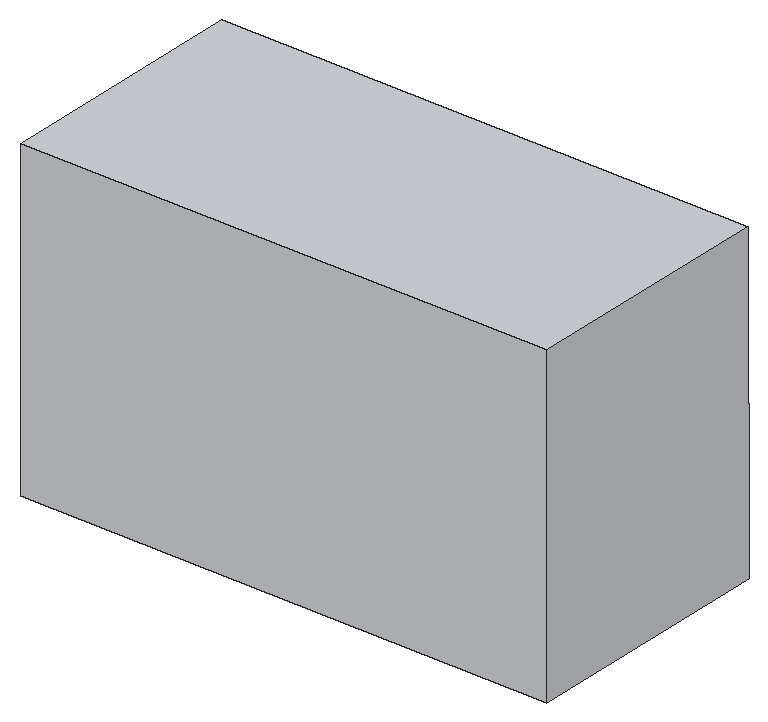
Revit family "ALG_Cutout_Wall", category Allgemeines Modell, Revit 2016
Family settings
  Teiletyp = Normal
  Kann Basisbauteil für Bewehrung sein = Nein
  Bemaßung runder Anschluss = Durchmesser verwenden
  Arbeitsebenenbasiert = Nein
  Immer vertikal = Ja
  Beim Laden mit Abzugskörper schneiden = Nein
  Gemeinsam genutzt = Nein
  Raumberechnungspunkt = Nein
Parameters (values of type "WD")
  WD_Durchbruch_Rund_Volumen [instance] = pi() * (WD_Durchbruch_RD ^ 2) * ALG_Durchbruch_Tiefe  # 0.0471239 m³
  WD_Durchbruch_Rund_Fläche [instance] = pi() * (WD_Durchbruch_RD ^ 2)  # 0.19635 m²
  WD_Durchbruch_Rechteck_Volumen [instance] = ALG_Durchbruch_Breite * ALG_Durchbruch_Höhe * ALG_Durchbruch_Tiefe  # 0.036 m³
  WD_Durchbruch_Rechteck_Fläche [instance] = ALG_Durchbruch_Breite * ALG_Durchbruch_Höhe  # 0.15 m²
  WD_Durchbruch_RD [instance] = ALG_Durchbruch_Breite / 2  # 250 mm
  WDR = no
  WD = yes
  ALG_Durchbruch_Versatz_manuell [instance] = 0 mm
  ALG_Durchbruch_UK_ab_Decke [instance] = ALG_Durchbruch_OKKVersatz + ALG_Durchbruch_Breite / 2  # 1750 mm
  ALG_Durchbruch_Tiefe [instance] = 240 mm
  ALG_Durchbruch_OK_ab_Decke [instance] = ALG_Durchbruch_OKKVersatz - ALG_Durchbruch_Breite / 2  # 1250 mm
  ALG_Durchbruch_OKKVersatz [instance] = 1500 mm
  ALG_Durchbruch_Höhe [instance] = 300 mm
  ALG_Durchbruch_Gewerk [instance] = ""
  ALG_Durchbruch_Breite [instance] = 500 mm
Types (2, lengths in mm): name | WDR | WD
  WD | no | yes
  WDR | yes | no
Reference planes
  plane 1 "Mitte (Vorne/Hinten)": y = 0
  plane 2: z = 0
  plane 3 "Mitte (Links/Rechts)": x = 0
  plane 4 "Mitte_WD": z = -1500
Forms (mm)
  Extrusion 1, solid, visible <- "WD"
    sketch origin (0, 0, -1500) x (0, 1, 0) y (-1, 0, 0)
      loop
        line (-120, 250) -> (-120, -250) -> (120, -250) -> (120, 250) -> (-120, 250)
    from -150 to 150
  Extrusion 2, solid, visible <- "WDR"
    sketch origin (0, 0, 0) x (1, 0, 0) y (0, 0, 1)
      loop
        circle (0, -1500) r 250
    from -120 to 120
Lines and regions (mm)
  reference lines
    curve 1: line (0, 670.716, -1350) -> (0, -629.284, -1350)
    curve 2: line (0, 560.86, -1650) -> (0, -629.284, -1650)
    curve 3: line (-4.994, 120, 0) -> (-294.994, 120, 0)
    curve 4: line (-4.994, -120, 0) -> (400, -120, 0)
    curve 5: line (-250, 248.741, 0) -> (-250, -491.259, 0)
    curve 6: line (250, 248.741, 0) -> (250, -491.259, 0)
Dimensions and locks
  "ALG_Durchbruch_OKKVersatz": plane 4 "Mitte_WD" to plane 2
  equal spacing: curve 2, plane 4 "Mitte_WD", curve 1
  "ALG_Durchbruch_Höhe": curve 2 to curve 1
  equal spacing: curve 5, plane 3 "Mitte (Links/Rechts)", curve 6
  equal spacing: curve 4, plane 1 "Mitte (Vorne/Hinten)", curve 3
  "ALG_Durchbruch_Breite": curve 5 to curve 6
  "ALG_Durchbruch_Tiefe": curve 4 to curve 3
  "WD_Durchbruch_RD": radius of Extrusion 2 sketch curve
  aligned and locked: level to plane 2
  aligned and locked: Extrusion 1 to curve 4
  aligned and locked: curve 5 to Extrusion 1
  aligned and locked: Extrusion 1 to curve 3
  aligned and locked: Extrusion 1 to curve 6
  aligned and locked: Extrusion 1 to curve 1
  aligned and locked: curve 2 to Extrusion 1
  aligned and locked: Extrusion 2 sketch curve to plane 3 "Mitte (Links/Rechts)"
  aligned and locked: plane 4 "Mitte_WD" to Extrusion 2 sketch curve
  aligned and locked: Extrusion 2 to curve 3
  aligned and locked: Extrusion 2 to curve 4
  aligned and locked: plane 3 "Mitte (Links/Rechts)" to nested 1
  aligned and locked: plane 1 "Mitte (Vorne/Hinten)" to nested 1
Automatic sketch dimensions
  plane 1 "Mitte (Vorne/Hinten)" to Extrusion 1 sketch curve = 120 mm
  Extrusion 1 sketch curve to plane 1 "Mitte (Vorne/Hinten)" = 120 mm
  plane 3 "Mitte (Links/Rechts)" to Extrusion 1 sketch curve = 250 mm
  Extrusion 1 sketch curve to plane 3 "Mitte (Links/Rechts)" = 250 mm
  plane 1 "Mitte (Vorne/Hinten)" to curve 1 = 629.284 mm
  curve 2 to curve 1 = 0 mm
  curve 2 to plane 1 "Mitte (Vorne/Hinten)" = 560.86 mm
  curve 2 to curve 1 = 109.855 mm
  curve 3 to curve 5 = 44.994 mm
  curve 4 to plane 3 "Mitte (Links/Rechts)" = 4.994 mm
  curve 3 to plane 3 "Mitte (Links/Rechts)" = 4.994 mm
  curve 6 to curve 4 = 150 mm
  curve 5 to curve 4 = 371.259 mm
  curve 6 to curve 4 = 371.259 mm
  curve 6 to plane 1 "Mitte (Vorne/Hinten)" = 248.741 mm
  curve 3 to curve 5 = 128.741 mm
Nested families
  nested 1: "Cutout_WD_Symbol" at (0, 0, 0), Breite <- "ALG_Durchbruch_Breite", Tiefe <- "ALG_Durchbruch_Tiefe", visible <- "WD", type "Cutout_WD_Symbol"
    with Tiefe 240 mm, T1 80 mm, Breite 500 mm, B1 166.667 mm
Definition of nested family "Cutout_WD_Symbol"
  Parameters (values of type "Cutout_WD_Symbol")
    Tiefe [instance] = 200 mm
    B1 [instance] = Breite / 3  # 100 mm
    T1 [instance] = Tiefe / 3  # 66.667 mm
    Breite [instance] = 300 mm
  Reference planes
    plane 1 "Mitte (Vorne/Hinten)": y = 0
    plane 2: z = 0
    plane 3 "Mitte (Links/Rechts)": x = 0
  Lines and regions (mm)
    Masking region 1
      outline origin (0, 0, 0) x (1, 0, 0) y (0, 1, 0)
        loop
          line (-150, 100) -> (-150, -100) -> (150, -100) -> (-100, -66.667) -> (-150, 100)
    symbolic lines
      curve 1: line (-150, -100, 0) -> (150, -100, 0)
      curve 2: line (-150, 100, 0) -> (-150, -100, 0)
      curve 3: line (150, 100, 0) -> (-150, 100, 0)
      curve 4: line (150, -100, 0) -> (150, 100, 0)
      curve 5: line (-150, 100, 0) -> (-100, -66.667, 0)
      curve 6: line (150, -100, 0) -> (-100, -66.667, 0)
  Dimensions and locks
    equal spacing: curve 1, plane 1 "Mitte (Vorne/Hinten)", curve 3
    equal spacing: curve 2, plane 3 "Mitte (Links/Rechts)", curve 4
    "Breite": curve 2 to curve 4
    "Tiefe": curve 1 to curve 3
    "B1": curve 5 to plane 3 "Mitte (Links/Rechts)"
    "T1": plane 1 "Mitte (Vorne/Hinten)" to curve 5
    aligned and locked: level to plane 2
    aligned and locked: Masking region 1 sketch curve to curve 5
    aligned and locked: Masking region 1 sketch curve to curve 2
    aligned and locked: Masking region 1 sketch curve to curve 1
    aligned and locked: Masking region 1 sketch curve to curve 6
